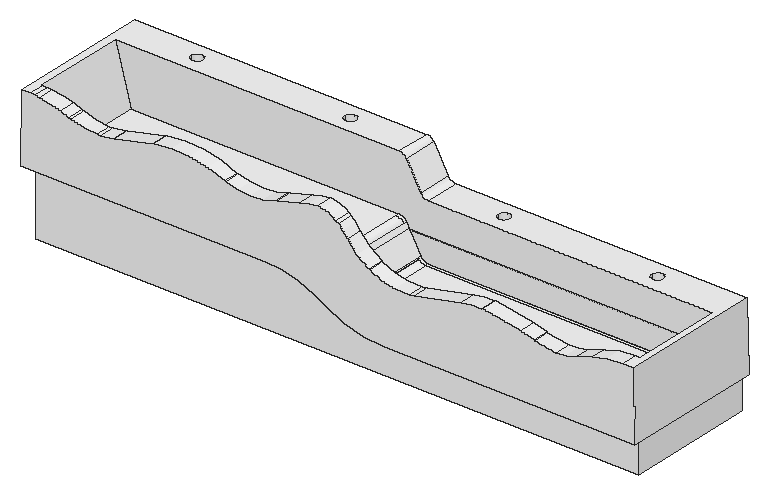
Revit family "NLRS_74_PF_UN_wastafel_S8VR1002000_SPHINX_BCB", category Plumbing Fixtures, Revit 2016
Family settings
  Part Type = Normal
  Round Connector Dimension = Use Radius
  OmniClass Number = 23.45.00.00
  OmniClass Title = Sanitary, Laundry, and Cleaning Equipment
  Work Plane-Based = No
  Always vertical = Yes
  Cut with Voids When Loaded = No
  Shared = No
  Room Calculation Point = No
Parameters (values of type "NLRS_74_PF_UN_wastafel_S8VR1002000_SPHINX_BCB")
  NLRS_C_type = "Kinderwastafel"
  NLRS_C_serie = "300 Kids"
  NLRS_C_revit_versie = "2016"
  NLRS_C_content_versie = "2.0"
  NLRS_C_content_provider = "BouwConnect"
  NLRS_C_content_datum_uitgifte = "APR-2018"
  NLRS_C_content_datum_gewijzigd = "APR-2018"
  NLRS_C_content_creator = "BouwConnect"
  NLRS_C_URL_product_data = "http://www.sphinx.nl/producten/wastafels-%7C-fonteinen/wastafels/sphinx-300-kids-%7C-kinderspeelwastafel-180-cm-versie-rechts/27998/"
  Waste Connection = yes
  WFU = 0
  URL = "http://www.sphinx.nl/"
  Type Comments = ""
  NLRS_S_gewicht = 22.00 kg
  NLRS_C_materiaal = none
  NLRS_C_lengte = 420 mm
  NLRS_C_hoogte = 300 mm
  NLRS_C_diameter_uit = 45 mm
  NLRS_C_diameter_in = 35 mm
  NLRS_C_breedte = 1800 mm
  Model = "300 kinderwastafel versie rechts"  # constant formula
  Manufacturer = "Sphinx"  # constant formula
  Keynote = ""
  IfcTypeProduct = "IfcSanitaryTerminalType"
  IfcExportType = "SINK"
  IfcExportAs = "IfcSanitaryTerminalTypeEnum"
  IfcElement = "IfcFlowTerminal"
  NLRS_C_code_EAN = "8711754390744"
  Description = "wastafel"
  CWFU = 0
  NLRS_C_URL_BCB = "http://bcb-online.nl/?zoekterm=Sphinx+++%5bGeberit+B.V.%5d"
  Assembly Code = "47.11"
  74_kunststof_wit [instance] = none
  74_kunststof_blauw [instance] = none
Reference planes
  plane 1 "Center (Front/Back)": y = 0
  plane 2: z = 0
  plane 3 "Center (Left/Right)": x = 0
Forms (mm)
  Extrusion 1, solid, material <- "74_kunststof_blauw"
    sketch origin (-664.315, -854.836, 0) x (-1, 0, 0) y (0, -1, 0)
      loop
        line (-1604.55, -854.836) -> (159.431, -854.836) -> (159.431, -474.836) -> (-1604.55, -474.836) -> (-1604.55, -854.836)
    from 0 to 208.952
  Extrusion 2, solid, material <- "74_kunststof_wit"
    sketch origin (75.254, 0, 0) x (-1, 0, 0) y (0, 0, -1)
      loop
        line (-182.988, -101) -> (-882.98, -101) -> (-879.489, -301) -> (-25.634, -301)
        arc (-25.634, -301) -> (-12.992, -304.432) -> (-3.821, -313.786) r 25
        line (-3.821, -313.786) -> (37.86, -388.218)
        arc (37.86, -388.218) -> (47.031, -397.571) -> (59.673, -401.003) r 25
        line (59.673, -401.003) -> (913.512, -401.003) -> (917.002, -201) -> (216.942, -201)
        arc (216.942, -201) -> (160.023, -197.402) -> (104.395, -184.819) r 358.38
        arc (104.395, -184.819) -> (71.278, -171.981) -> (39.826, -155.476) r 313.324
        arc (39.826, -155.476) -> (21.756, -145.097) -> (3.412, -135.21) r 770.237
        arc (3.412, -135.21) -> (-42.882, -117.24) -> (-91.441, -106.844) r 311.921
        arc (-91.441, -106.844) -> (-137.112, -102.315) -> (-182.988, -101) r 654.116
    from 0 to 101
  Extrusion 3, solid, material <- "74_kunststof_wit"
    sketch origin (75.254, 0, 0) x (-1, 0, 0) y (0, 0, -1)
      loop
        line (-882.98, -101) -> (-879.489, -301) -> (-848.588, -301)
        arc (-848.588, -301) -> (-802.014, -297.111) -> (-756.731, -285.551) r 280.812
        line (-756.731, -285.551) -> (-707.355, -268.46)
        arc (-707.355, -268.46) -> (-679.877, -261.969) -> (-651.654, -261.14) r 139.608
        arc (-651.654, -261.14) -> (-620.275, -264.734) -> (-589.309, -270.955) r 375.19
        arc (-589.309, -270.955) -> (-588.291, -271.212) -> (-587.277, -271.482) r 77.687
        line (-587.277, -271.482) -> (-549.652, -281.789)
        arc (-549.652, -281.789) -> (-494.603, -294.026) -> (-438.624, -300.856) r 579.8
        arc (-438.624, -300.856) -> (-437.015, -300.945) -> (-435.404, -300.978) r 46.027
        arc (-435.404, -300.978) -> (-404.034, -299.316) -> (-373.044, -294.177) r 282.21
        line (-373.044, -294.177) -> (-235.747, -263.475)
        arc (-235.747, -263.475) -> (-228.272, -262.118) -> (-220.712, -261.367) r 94.167
        arc (-220.712, -261.367) -> (-161.568, -266.056) -> (-105.928, -286.652) r 216.107
        arc (-105.928, -286.652) -> (-104.727, -287.314) -> (-103.543, -288.005) r 57.711
        arc (-103.543, -288.005) -> (-69.328, -313.594) -> (-41.032, -345.606) r 208.986
        arc (-41.032, -345.606) -> (-28.654, -361.027) -> (-14.659, -374.996) r 180
        line (-14.659, -374.996) -> (-7.857, -381.077)
        arc (-7.857, -381.077) -> (16.911, -395.886) -> (45.41, -400.413) r 76.135
        arc (45.41, -400.413) -> (71.314, -397.943) -> (96.714, -392.291) r 210.16
        line (96.714, -392.291) -> (165.485, -372.447)
        arc (165.485, -372.447) -> (167.671, -371.837) -> (169.867, -371.266) r 129.867
        arc (169.867, -371.266) -> (170.35, -371.132) -> (170.828, -370.977) r 11.005
        arc (170.828, -370.977) -> (243.413, -358.02) -> (316.378, -368.627) r 230.671
        arc (316.378, -368.627) -> (317.659, -369.077) -> (318.908, -369.611) r 20.638
        arc (318.908, -369.611) -> (419.943, -398.573) -> (524.98, -394.843) r 335.398
        arc (524.98, -394.843) -> (526.298, -394.572) -> (527.611, -394.275) r 68.388
        line (527.611, -394.275) -> (643.441, -366.886)
        arc (643.441, -366.886) -> (644.086, -366.743) -> (644.736, -366.617) r 24.546
        arc (644.736, -366.617) -> (664.145, -363.579) -> (683.674, -361.439) r 426.214
        arc (683.674, -361.439) -> (688.937, -361.144) -> (694.208, -361.166) r 87.512
        arc (694.208, -361.166) -> (732.186, -365.518) -> (768.992, -375.845) r 240.015
        arc (768.992, -375.845) -> (771.446, -376.729) -> (773.912, -377.579) r 181.742
        line (773.912, -377.579) -> (798.792, -385.95)
        arc (798.792, -385.95) -> (829.337, -394.403) -> (860.621, -399.48) r 290.628
        arc (860.621, -399.48) -> (867.102, -400.1) -> (873.595, -400.576) r 295.321
        arc (873.595, -400.576) -> (880.442, -400.896) -> (887.296, -401.003) r 220.251
        line (887.296, -401.003) -> (913.512, -401.003) -> (917.002, -200.999) -> (196.821, -200.999)
        arc (196.821, -200.999) -> (123.732, -191.637) -> (55.361, -164.157) r 290
        line (55.361, -164.157) -> (23.045, -146.099)
        arc (23.045, -146.099) -> (-60.65, -112.46) -> (-150.121, -101) r 355
        line (-150.121, -101) -> (-882.98, -101)
    from 111 to 415.999
  Extrusion 4, void
    sketch origin (75.254, 0, 0) x (-1, 0, 0) y (0, 0, -1)
      loop
        line (-989.706, -486) -> (890.637, -486) -> (890.637, -401) -> (844.912, -235.999) -> (59.673, -235.999)
        arc (59.673, -235.999) -> (47.031, -232.567) -> (37.86, -223.214) r 25
        line (37.86, -223.214) -> (-3.819, -148.785)
        arc (-3.819, -148.785) -> (-12.99, -139.432) -> (-25.632, -136) r 25
        line (-25.632, -136) -> (-744.633, -136) -> (-989.706, -486)
    from 101.148 to 369.344
  Extrusion 5, solid, material <- "74_kunststof_wit"
    sketch origin (75.254, 0, 0) x (-1, 0, 0) y (0, 0, -1)
      loop
        line (913.512, -401.003) -> (917.002, -200.999) -> (842.044, -200.999) -> (842.044, -225.651) -> (890.637, -401.003) -> (913.512, -401.003)
    from 101 to 111
  Extrusion 6, solid, material <- "74_kunststof_wit"
    sketch origin (75.254, 0, 0) x (-1, 0, 0) y (0, 0, -1)
      loop
        line (-860.168, -301) -> (-738.375, -127.062) -> (-738.375, -101) -> (-882.98, -101) -> (-879.489, -301) -> (-860.168, -301)
    from 101 to 111
  Extrusion 7, solid
    sketch origin (75.254, 0, 0) x (-1, 0, 0) y (0, 0, -1)
      loop
        line (842.044, -225.651) -> (842.044, -208.952) -> (50.639, -208.952) -> (82.044, -225.651) -> (842.044, -225.651)
    from 101 to 111
  Extrusion 8, solid, material <- "74_kunststof_wit"
    sketch origin (75.254, 0, 0) x (-1, 0, 0) y (0, 0, -1)
      loop
        line (29.874, -208.952) -> (37.86, -223.214)
        arc (37.86, -223.214) -> (47.031, -232.567) -> (59.673, -235.999) r 25
        line (59.673, -235.999) -> (844.912, -235.999) -> (842.044, -225.651) -> (82.044, -225.651) -> (50.639, -208.952) -> (29.874, -208.952)
    from 111 to 101
  Extrusion 9, void
    sketch origin (2075.254, 0, 0) x (-1, 0, 0) y (0, 0, -1)
      loop
        line (2887.5, -208.952) -> (2887.5, 0) -> (1146.52, 0) -> (1146.52, -93.952) -> (2046.52, -93.952) -> (2046.52, -208.952) -> (2887.5, -208.952)
    from -34.608 to 368.5
  Extrusion 10, void, detail levels medium+fine
    sketch origin (-34.38, -8.521, 0) x (-1, 0, 0) y (0, -1, 0)
      loop
        circle (-542.614, 231.479) r 22.5
    from -235 to 500
  Extrusion 11, void, detail levels medium+fine
    sketch origin (-934.38, -8.521, 0) x (-1, 0, 0) y (0, -1, 0)
      loop
        circle (-542.614, 231.479) r 22.5
    from -235 to 500
  Extrusion 12, void, detail levels medium+fine
    sketch origin (-27.468, -50, 0) x (-1, 0, 0) y (0, -1, 0)
      loop
        circle (-760.702, 0) r 17.5
    from -235 to 500
  Extrusion 13, void, detail levels medium+fine
    sketch origin (-477.468, -50, 0) x (-1, 0, 0) y (0, -1, 0)
      loop
        circle (-760.702, 0) r 17.5
    from -235 to 500
  Extrusion 14, void, detail levels medium+fine
    sketch origin (-927.468, -50, 0) x (-1, 0, 0) y (0, -1, 0)
      loop
        circle (-760.702, 0) r 17.5
    from -235 to 500
  Extrusion 15, void, detail levels medium+fine
    sketch origin (-1377.468, -50, 0) x (-1, 0, 0) y (0, -1, 0)
      loop
        circle (-760.702, 0) r 17.5
    from -235 to 500
  Extrusion 16, solid, not visible
    sketch origin (0, 0, 200.999) x (1, 0, 0) y (0, 1, 0)
      loop
        circle (-391.766, -240) r 22.5
    from 0 to 5
  Extrusion 17, solid, not visible
    sketch origin (0, 0, 93.952) x (1, 0, 0) y (0, 1, 0)
      loop
        circle (508.234, -240) r 22.5
    from 0 to 5
  Extrusion 18, void
    sketch origin (75.254, 0, 0) x (-1, 0, 0) y (0, 0, -1)
      loop
        line (-989.706, -486) -> (890.637, -486) -> (890.637, -401) -> (844.912, -235.999) -> (59.673, -235.999)
        arc (59.673, -235.999) -> (47.031, -232.567) -> (37.86, -223.214) r 25
        line (37.86, -223.214) -> (-3.819, -148.785)
        arc (-3.819, -148.785) -> (-12.99, -139.432) -> (-25.632, -136) r 25
        line (-25.632, -136) -> (-744.633, -136) -> (-989.706, -486)
    from 101.148 to 369.344
Cuts and joins
  Extrusion 10, Extrusion 12, Extrusion 13, Extrusion 14, Extrusion 15 cuts Extrusion 2
  Extrusion 10, Extrusion 11, Extrusion 12, Extrusion 13, Extrusion 18 cuts Extrusion 3
  Extrusion 10, Extrusion 12, Extrusion 13 cuts Extrusion 5
  Extrusion 10, Extrusion 12, Extrusion 13 cuts Extrusion 6
  Extrusion 10, Extrusion 12, Extrusion 13 cuts Extrusion 8
  joined: Extrusion 2, Extrusion 3, Extrusion 5, Extrusion 6, Extrusion 8
  Extrusion 9 cuts Extrusion 7
  Extrusion 4, Extrusion 9, Extrusion 10, Extrusion 11, Extrusion 12, Extrusion 13, Extrusion 18 cuts Extrusion 1
Dimensions and locks
  aligned and locked: level to plane 2
Connectors
  piping at (508.234, -240, 93.952), diameter 50, driven by "WFU"
    settings: on Extrusion 17, index 1, connector inside diameter 50 mm, connector length 0 mm, flow factor 0, pipe flow 0.0 L/s, pressure drop 0.0 Pa, fitting loss kfactor 0, connector angle 0.00°, fixture units 0, engagement length 0 mm, angle of deflection 0.00°, flow configuration 3, flow direction 2, fitting loss method 0, system type 16, joint type 0, gender type 0, connector reference index -1, connector utility 0, adjustable connector no, is connector primary yes, connector description "out"
  piping at (-391.766, -240, 200.999), diameter 50, driven by "WFU"
    settings: on Extrusion 16, index 2, connector inside diameter 50 mm, connector length 0 mm, flow factor 0, pipe flow 0.0 L/s, pressure drop 0.0 Pa, fitting loss kfactor 0, connector angle 0.00°, fixture units 0, engagement length 0 mm, angle of deflection 0.00°, flow configuration 3, flow direction 2, fitting loss method 0, system type 16, joint type 0, gender type 0, connector reference index -1, connector utility 0, adjustable connector no, is connector primary no, connector description "out"
